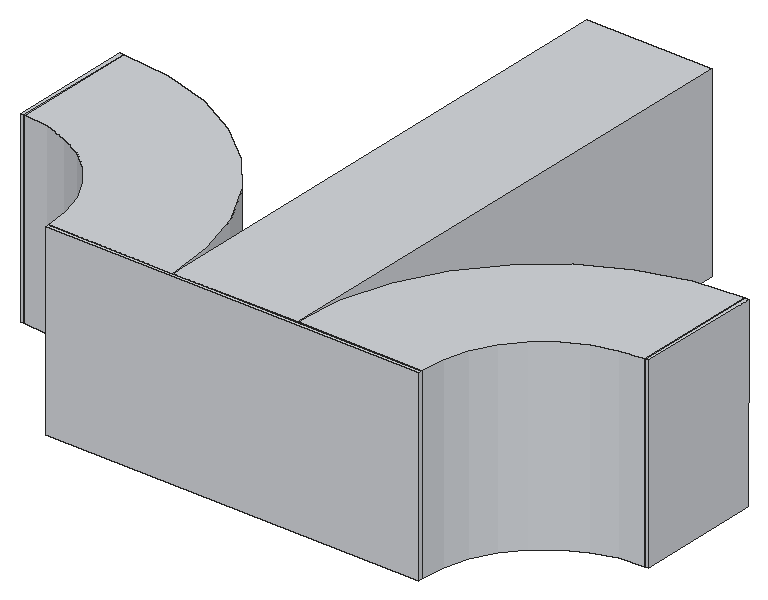
Revit family "M_T de três vias retangular - DTL", category Conexões de duto, Revit 2019
Family settings
  Cota do conector redondo = Utilizar diâmetro
  Tipo de parte = Múltiplas portas
  Número OmniClass = 23.75.70.14
  Título OmniClass = Air Ductwork
  ID de item do Seek = Rectangular Three-Way Tee - DTL-0000-CAN-ENU
  Com base no plano de trabalho = Não
  Sempre na vertical = Sim
  Corte com vazios quando carregada = Não
  Compartilhado = Não
Parameters (values of type "Padrão")
  Visibilidade 2 [instance] = not(Comprimento 13 = 0 mm)  # no
  Visibilidade 1 [instance] = Comprimento > Comprimento 25  # yes
  Mudança superior à direita [instance] = -(Entrada de profundidade - Saída da profundidade à direita) + Mudança inferior à direita  # 0 mm
  Mudança superior à esquerda [instance] = -(Entrada de profundidade - Saída da profundidade à esquerda) + Mudança inferior à esquerda  # 0 mm
  Deslocamento superior 1 [instance] = (Entrada de profundidade - Saída da profundidade à esquerda) / 2 - Mudança superior à esquerda  # 0 mm
  Deslocamento superior 2 [instance] = (Entrada de profundidade - Saída da profundidade à direita) / 2 - Mudança superior à direita  # 0 mm
  Saída reta à direita [instance] = 0 mm
  Saída reta à esquerda [instance] = 0 mm
  Entrada reta [instance] = 0 mm
  Direita do raio [instance] = 300 mm
  Esquerda do raio [instance] = 300 mm
  Comprimento do deslocamento [instance] = Deslocamento + Entrada de largura / 2 - Saída de largura / 2  # 300 mm
  Deslocamento [instance] = 0 mm
  Comprimento 13 [instance] = Comprimento do deslocamento - Entrada de largura / 2 + Saída de largura / 2  # 0 mm
  Comprimento 7 [instance] = Saída da profundidade à esquerda / 4 + Deslocamento superior 1  # 112.5 mm
  Comprimento 6 [instance] = (Entrada de profundidade + Saída da profundidade à esquerda + Saída da profundidade à direita + abs(Deslocamento superior 1) + abs(Deslocamento superior 2)) / 2  # 675 mm
  Comprimento 5 [instance] = (Direita do raio + Saída da largura à direita / 2)  # 450 mm
  Comprimento 4 [instance] = (Esquerda do raio + Saída da largura à esquerda / 2)  # 450 mm
  Comprimento 3 [instance] = Entrada de largura / 2 + Direita do raio  # 750 mm
  Comprimento 27 [instance] = Saída da largura à esquerda + Saída da largura à direita + Esquerda do raio + Direita do raio + Saída da largura à direita + Comprimento 13  # 1500 mm
  Comprimento 26 [instance] = if(Comprimento 13 = 0 mm, 8400 mm, 9144 mm - Comprimento 13)  # 8400 mm
  Comprimento 25 [instance] = if(Comprimento 13 > 0 mm, Raio do centro 2, Raio do centro 1)  # 450 mm
  Comprimento 24 [instance] = if(Comprimento < Comprimento 25, Comprimento, Comprimento 25)  # 450 mm
  Comprimento 23 [instance] = if(Raio do centro 1 > Raio do centro 2, Raio do centro 1, Raio do centro 2)  # 450 mm
  Comprimento 22 [instance] = if(Comprimento 13 > 0 mm, if(Comprimento > Raio do centro 2, Raio do centro 2, 150 mm), if(Comprimento > Raio do centro 1, Raio do centro 1, 150 mm))  # 450 mm
  Comprimento 20 [instance] = Esquerda do raio + Direita do raio + (Saída da largura à esquerda + Saída da largura à direita)  # 1200 mm
  Comprimento 2 [instance] = Entrada de largura / 2 + Esquerda do raio  # 750 mm
  Comprimento 19 [instance] = 9144 mm - Comprimento 13  # 9144 mm
  Comprimento 18 [instance] = if(Comprimento da entrada reta 1 = 0 mm, 0.198 mm, Comprimento da entrada reta 1)  # 9.375 mm
  Comprimento 17 [instance] = if(Comprimento da saída reta à direita 1 = 0 mm, 0.198 mm, Comprimento da saída reta à direita 1)  # 9.375 mm
  Comprimento 16 [instance] = if(Comprimento da saída reta à esquerda 1 = 0 mm, 0.198 mm, Comprimento da saída reta à esquerda 1)  # 9.375 mm
  Comprimento 15 [instance] = 3048 mm + Deslocamento superior 2  # 3048 mm
  Comprimento 14 [instance] = 3048 mm + Deslocamento superior 1  # 3048 mm
  Comprimento 12 [instance] = (Direita do raio + Saída da largura à direita / 2)  # 450 mm
  Comprimento 11 [instance] = (Esquerda do raio + Saída da largura à esquerda / 2)  # 450 mm
  Comprimento 1 [instance] = 9144 mm - (Comprimento 4 + Comprimento 5) / 2  # 8694 mm
  Saída de largura [instance] = 300 mm
  Entrada de largura [instance] = 900 mm
  Saída da largura à direita [instance] = 300 mm
  Saída da largura à esquerda [instance] = 300 mm
  Comprimento [instance] = 1250 mm
  Comprimento da entrada reta 1 [instance] = if(Entrada reta = 0 mm, 300 mm / 32, Entrada reta)  # 9.375 mm
  Comprimento da saída reta à direita 1 [instance] = if(Saída reta à direita = 0 mm, 300 mm / 32, Saída reta à direita)  # 9.375 mm
  Comprimento da saída reta à esquerda 1 [instance] = if(Saída reta à esquerda = 0 mm, 300 mm / 32, Saída reta à esquerda)  # 9.375 mm
  Entrada de profundidade [instance] = 450 mm
  Saída da profundidade à direita [instance] = 450 mm
  Saída da profundidade à esquerda [instance] = 450 mm
  Raio do centro 2 [instance] = Direita do raio + Saída da largura à direita / 2  # 450 mm
  Raio do centro 1 [instance] = Esquerda do raio + Saída da largura à esquerda / 2  # 450 mm
  Mudança inferior à direita [instance] = 0 mm
  Mudança inferior à esquerda [instance] = 0 mm
Reference planes
  plane 1 "Centro (Frente/Trás)": y = 0
  plane 2: z = 0
  plane 3 "Centro (Esquerda/Direita)": x = 0
  plane 4: y = -9144
  plane 5: y = -450
  plane 6: x = 750
  plane 7: x = -750
  plane 8: z = 675
  plane 9: z = -675
  plane 10: z = 675
  plane 11: z = -675
  plane 12: y = 0
  plane 13: x = -750
  plane 14: z = 0
  plane 15: x = 750
  plane 16: y = 0
  plane 17: z = 0
  plane 18: z = 675
  plane 19: z = -675
  plane 20: z = -3048
  plane 21: y = -459.375
  plane 22: x = 9144
  plane 23: x = 0
  plane 24: y = 800
  plane 25: y = 2000
  plane 26: y = 0
  plane 27: y = 0
  plane 28: y = 0
  plane 29: y = 0
  plane 30: x = 744
  plane 31: x = -2250
  plane 32: x = 2250
Forms (mm)
  SweptBlend 1, solid, detail levels medium+fine
    path in 3D
      loop
        arc (-300, -450, 0) -> (-431.802, -131.802, 0) -> (-750, 0, 0) r 450
    profile "M_Duto - Retangular : Duto - Retangular 4" origin (-300, -450, 0) x (-1, 0, 0) y (0, 0, 1)
      loop
        line (-150, 225) -> (-150, -225) -> (150, -225) -> (150, 225) -> (-150, 225)
    end profile "M_Duto - Retangular : Duto - Retangular 1" origin (-750, 0, 0) x (0, -1, 0) y (0, 0, 1)
      loop
        line (-150, 225) -> (-150, -225) -> (150, -225) -> (150, 225) -> (-150, 225)
  SweptBlend 2, solid, detail levels medium+fine
    path in 3D
      loop
        arc (300, -450, 0) -> (431.802, -131.802, 0) -> (750, 0, 0) r 450
    profile "M_Duto - Retangular : Duto - Retangular 5" origin (300, -450, 0) x (-1, 0, 0) y (0, 0, 1)
      loop
        line (-150, 225) -> (-150, -225) -> (150, -225) -> (150, 225) -> (-150, 225)
    end profile "M_Duto - Retangular : Duto - Retangular 2" origin (750, 0, 0) x (0, 1, 0) y (0, 0, 1)
      loop
        line (-150, 225) -> (-150, -225) -> (150, -225) -> (150, 225) -> (-150, 225)
  Extrusion 3, void
    sketch origin (0, 0, 0) x (1, 0, 0) y (0, 1, 0)
      loop
        circle (750, -450) r 300
    from -675 to 675
  Extrusion 4, void
    sketch origin (0, 0, 0) x (1, 0, 0) y (0, 1, 0)
      loop
        circle (-750, -450) r 300
    from -675 to 675
  Extrusion 5, void
    sketch origin (0, 0, 0) x (1, 0, 0) y (0, 1, 0)
      loop
        circle (-750, -450) r 304.8
    from -675 to 675
  Extrusion 6, void
    sketch origin (0, 0, 0) x (1, 0, 0) y (0, 1, 0)
      loop
        circle (-750, -450) r 304.8
    from -675 to 675
  Extrusion 7, void
    sketch origin (0, 0, 0) x (1, 0, 0) y (0, 1, 0)
      loop
        circle (750, -450) r 304.8
    from -675 to 675
  Extrusion 8, void
    sketch origin (0, 0, 0) x (1, 0, 0) y (0, 1, 0)
      loop
        circle (750, -450) r 304.8
    from -675 to 675
  Sweep 9, solid, detail levels medium+fine
    path in 3D
      loop
        line (-750, 0, 0) -> (-759.375, 0, 0)
    profile "M_Duto - Retangular : Duto - Retangular 1" origin (-754.687, 0, 0) x (0, -1, 0) y (0, 0, 1)
      loop
        line (-150, 225) -> (-150, -225) -> (150, -225) -> (150, 225) -> (-150, 225)
  Sweep 10, solid, detail levels medium+fine
    path in 3D
      loop
        line (750, 0, 0) -> (759.375, 0, 0)
    profile "M_Duto - Retangular : Duto - Retangular 2" origin (754.687, 0, 0) x (0, 1, 0) y (0, 0, 1)
      loop
        line (-150, 225) -> (-150, -225) -> (150, -225) -> (150, 225) -> (-150, 225)
  Sweep 11, solid, detail levels medium+fine
    path in 3D
      loop
        line (0, 800, 0) -> (0, -450, 0)
    profile "M_Duto - Retangular : Duto - Retangular 6" origin (0, 175, 0) x (1, 0, 0) y (0, 0, 1)
      loop
        line (-150, 225) -> (-150, -225) -> (150, -225) -> (150, 225) -> (-150, 225)
  Sweep 12, solid, detail levels medium+fine
    path in 3D
      loop
        line (0, -450, 0) -> (0, -459.375, 0)
    profile "M_Duto - Retangular : Duto - Retangular 3" origin (0, -454.687, 0) x (1, 0, 0) y (0, 0, 1)
      loop
        line (-450, 225) -> (-450, -225) -> (450, -225) -> (450, 225) -> (-450, 225)
  Sweep 13, void
    path in 3D
      loop
        line (0, 2000, 0) -> (0, 800, 0)
    profile "M_Duto - Retangular : Duto - Retangular 6" origin (0, 1400, 0) x (1, 0, 0) y (0, 0, 1)
      loop
        line (-150, 225) -> (-150, -225) -> (150, -225) -> (150, 225) -> (-150, 225)
  Extrusion 14, void
    sketch origin (0, 0, 0) x (1, 0, 0) y (0, 1, 0)
      loop
        line (750, -145.35) -> (750, -754.65) -> (2250, -754.65) -> (2250, -145.35) -> (750, -145.35)
    from -675 to 675
  Extrusion 15, void
    sketch origin (0, 0, 0) x (1, 0, 0) y (0, 1, 0)
      loop
        line (750, -150) -> (750, -750) -> (2250, -750) -> (2250, -150) -> (750, -150)
    from -675 to 675
  Extrusion 16, void
    sketch origin (0, 0, 0) x (1, 0, 0) y (0, 1, 0)
      loop
        line (750, -145.35) -> (750, -754.65) -> (2250, -754.65) -> (2250, -145.35) -> (750, -145.35)
    from -675 to 675
  Extrusion 17, void
    sketch origin (0, 0, 0) x (1, 0, 0) y (0, 1, 0)
      loop
        line (-2250, -145.35) -> (-2250, -754.65) -> (-750, -754.65) -> (-750, -145.35) -> (-2250, -145.35)
    from -675 to 675
  Extrusion 18, void
    sketch origin (0, 0, 0) x (1, 0, 0) y (0, 1, 0)
      loop
        line (-2250, -150) -> (-2250, -750) -> (-750, -750) -> (-750, -150) -> (-2250, -150)
    from -675 to 675
  Extrusion 19, void
    sketch origin (0, 0, 0) x (1, 0, 0) y (0, 1, 0)
      loop
        line (-2250, -145.35) -> (-2250, -754.65) -> (-750, -754.65) -> (-750, -145.35) -> (-2250, -145.35)
    from -675 to 675
Cuts and joins
  Extrusion 3, Sweep 13, Extrusion 15, Extrusion 18 cuts SweptBlend 1
  Extrusion 4, Sweep 13 cuts SweptBlend 2
  Extrusion 3, Extrusion 4, Extrusion 15, Extrusion 18 cuts Sweep 11
Lines and regions (mm)
  model lines, not visible
    curve 1: arc (-300, -450, 0) -> (-431.802, -131.802, 0) -> (-750, 0, 0) r 450
    curve 2: arc (300, -450, 0) -> (431.802, -131.802, 0) -> (750, 0, 0) r 450
  sketch lines
    curve 3: arc (-300, -450, 0) -> (-431.802, -131.802, 0) -> (-750, 0, 0) r 450
    curve 4: arc (300, -450, 0) -> (431.802, -131.802, 0) -> (750, 0, 0) r 450
    curve 6: line (-750, 0, 0) -> (-759.375, 0, 0)
    curve 8: line (750, 0, 0) -> (759.375, 0, 0)
    curve 11: line (0, -450, 0) -> (0, -459.375, 0)
    curve 17: line (0, 2000, 0) -> (0, 800, 0)
    curve 19: line (0, 800, 0) -> (0, -450, 0)
  model lines, detail levels coarse
    curve 5: line (-750, 0, 0) -> (-759.375, 0, 0)
    curve 7: line (750, 0, 0) -> (759.375, 0, 0)
    curve 10: line (0, -450, 0) -> (0, -459.375, 0)
    curve 12: line (0, 0, 0) -> (-750, 0, 0)
    curve 13: line (0, 0, 0) -> (750, 0, 0)
    curve 15: line (0, 0, 0) -> (0, -450, 0)
    curve 16: line (0, 0, 0) -> (0, -450, 0)
  reference lines
    curve 9: line (0, 2000, 0) -> (0, 800, 0)
    curve 18: line (0, 800, 0) -> (0, -450, 0)
  model lines, visible <- "Visibilidade 1", detail levels coarse
    curve 14: line (0, 800, 0) -> (0, 0, 0)
  model lines, visible <- "Visibilidade 2", detail levels coarse
    curve 20: line (0, 0, 0) -> (744, 0, 0)
Dimensions and locks
  locked: plane 4 to plane 1 "Centro (Frente/Trás)" at 9144
  "Comprimento 1": plane 5 to plane 4
  "Comprimento 2": plane 7 to plane 3 "Centro (Esquerda/Direita)"
  "Comprimento 3": plane 3 "Centro (Esquerda/Direita)" to plane 6
  equal spacing: plane 8, plane 2, plane 9
  "Comprimento 6": plane 8 to plane 2
  equal spacing: plane 10, plane 2, plane 11
  "Comprimento 6": plane 10 to plane 2
  locked: plane 7 to plane 13 at 0
  "Comprimento 11": plane 12 to plane 5
  "Comprimento 12": plane 16 to plane 5
  locked: plane 15 to plane 6 at 0
  equal spacing: plane 18, plane 2, plane 19
  "Comprimento 6": plane 18 to plane 2
  locked: plane 2 to plane 20 at 3048
  "Comprimento 14": plane 14 to plane 20
  "Comprimento 15": plane 17 to plane 20
  "Comprimento 18": plane 5 to plane 21
  "Comprimento 16": curve 5 to curve 5
  "Comprimento 17": curve 7 to curve 7
  locked: plane 22 to plane 3 "Centro (Esquerda/Direita)" at 9144
  "Comprimento 19": plane 23 to plane 22
  "Comprimento": plane 24 to plane 5
  "Comprimento 20": plane 25 to plane 24
  "Raio do centro 1": plane 26 to plane 5
  "Raio do centro 2": plane 27 to plane 5
  "Comprimento 22": plane 28 to plane 5
  "Comprimento 24": plane 29 to plane 5
  "Comprimento 26": plane 30 to plane 22
  "Comprimento 24": plane 5 to curve 20
  equal spacing: Extrusion 14 sketch curve, plane 5, Extrusion 14 sketch curve
  "Comprimento 27": plane 31 to plane 7
  "Comprimento 27": plane 6 to plane 32
  equal spacing: Extrusion 15 sketch curve, plane 5, Extrusion 15 sketch curve
  "Direita do raio": plane 5 to Extrusion 15 sketch curve
  equal spacing: Extrusion 16 sketch curve, plane 5, Extrusion 16 sketch curve
  equal spacing: Extrusion 17 sketch curve, plane 5, Extrusion 17 sketch curve
  equal spacing: Extrusion 18 sketch curve, plane 5, Extrusion 18 sketch curve
  "Esquerda do raio": plane 5 to Extrusion 18 sketch curve
  equal spacing: Extrusion 19 sketch curve, plane 5, Extrusion 19 sketch curve
  "Raio do centro 1": radius of curve 1
  "Raio do centro 2": radius of curve 2
  "Direita do raio": radius of Extrusion 3 sketch curve
  "Esquerda do raio": radius of Extrusion 4 sketch curve
  locked: curve 1 to curve 1 (angle 90.00°)
  locked: curve 2 to curve 2 (angle 90.00°)
  locked: plane 13 to curve 5 (angle 90.00°)
  locked: curve 7 to plane 15 (angle 90.00°)
  aligned and locked: plane 7 to curve 1
  aligned and locked: plane 5 to curve 1  (x2)
  aligned and locked: plane 6 to curve 2
  aligned and locked: plane 5 to curve 2  (x2)
  aligned and locked: plane 6 to Extrusion 3 sketch curve
  aligned and locked: plane 5 to Extrusion 3 sketch curve
  aligned and locked: plane 8 to Extrusion 3
  aligned and locked: Extrusion 3 to plane 9
  aligned and locked: plane 7 to Extrusion 4 sketch curve
  aligned and locked: plane 5 to Extrusion 4 sketch curve
  aligned and locked: Extrusion 4 to plane 10
  aligned and locked: plane 11 to Extrusion 4
  aligned and locked: plane 7 to Extrusion 5 sketch curve
  aligned and locked: plane 5 to Extrusion 5 sketch curve
  aligned and locked: plane 7 to Extrusion 6 sketch curve
  aligned and locked: plane 5 to Extrusion 6 sketch curve
  aligned and locked: plane 18 to Extrusion 5
  aligned and locked: Extrusion 5 to plane 19
  aligned and locked: Extrusion 6 to plane 19
  aligned and locked: plane 18 to Extrusion 6
  aligned and locked: plane 6 to Extrusion 7 sketch curve
  aligned and locked: plane 5 to Extrusion 7 sketch curve
  aligned and locked: plane 18 to Extrusion 7
  aligned and locked: Extrusion 7 to plane 19
  aligned and locked: plane 6 to Extrusion 8 sketch curve
  aligned and locked: plane 5 to Extrusion 8 sketch curve
  aligned and locked: plane 18 to Extrusion 8
  aligned and locked: Extrusion 8 to plane 19
  aligned and locked: plane 13 to curve 12
  aligned and locked: plane 14 to curve 12
  aligned and locked: plane 3 "Centro (Esquerda/Direita)" to curve 12
  aligned and locked: plane 2 to curve 12
  aligned and locked: plane 17 to curve 13
  aligned and locked: plane 15 to curve 13
  aligned and locked: plane 3 "Centro (Esquerda/Direita)" to curve 13
  aligned and locked: plane 2 to curve 13
  aligned and locked: plane 5 to curve 15
  aligned and locked: curve 15 to plane 3 "Centro (Esquerda/Direita)"
  aligned and locked: plane 27 to curve 16
  aligned and locked: curve 16 to plane 3 "Centro (Esquerda/Direita)"
  aligned and locked: curve 14 to plane 23
  aligned and locked: plane 28 to curve 14
  aligned and locked: curve 15 to plane 26
  aligned and locked: plane 24 to curve 18
  aligned and locked: plane 5 to curve 18
  aligned and locked: curve 18 to plane 23
  aligned and locked: curve 20 to plane 30
  aligned and locked: plane 3 "Centro (Esquerda/Direita)" to curve 20
  aligned and locked: plane 6 to Extrusion 14 sketch curve
  aligned and locked: plane 18 to Extrusion 14
  aligned and locked: Extrusion 14 to plane 19
  aligned and locked: Extrusion 14 sketch curve to plane 32
  aligned and locked: plane 6 to Extrusion 15 sketch curve
  aligned and locked: Extrusion 15 sketch curve to plane 32
  aligned and locked: plane 18 to Extrusion 15
  aligned and locked: Extrusion 15 to plane 19
  aligned and locked: plane 6 to Extrusion 16 sketch curve
  aligned and locked: Extrusion 16 sketch curve to plane 32
  aligned and locked: plane 18 to Extrusion 16
  aligned and locked: Extrusion 16 to plane 19
  aligned and locked: plane 31 to Extrusion 17 sketch curve
  aligned and locked: Extrusion 17 sketch curve to plane 13
  aligned and locked: plane 18 to Extrusion 17
  aligned and locked: Extrusion 17 to plane 19
  aligned and locked: plane 31 to Extrusion 18 sketch curve
  aligned and locked: Extrusion 18 sketch curve to plane 7
  aligned and locked: plane 18 to Extrusion 18
  aligned and locked: Extrusion 18 to plane 19
  aligned and locked: plane 31 to Extrusion 19 sketch curve
  aligned and locked: Extrusion 19 sketch curve to plane 7
  aligned and locked: plane 18 to Extrusion 19
  aligned and locked: Extrusion 19 to plane 19
Automatic sketch dimensions
  curve 5 to plane 12 = 0 mm
  curve 5 to plane 13 = 0 mm
  curve 7 to plane 16 = 0 mm
  curve 7 to plane 6 = 0 mm
  curve 9 to plane 25 = 0 mm
  curve 10 to plane 21 = 0 mm
  curve 14 to plane 24 = 0 mm
  Extrusion 14 sketch curve to plane 21 = 295.275 mm
  Extrusion 16 sketch curve to plane 21 = 295.275 mm
  Extrusion 17 sketch curve to plane 21 = 295.275 mm
  Extrusion 19 sketch curve to plane 21 = 295.275 mm
  radius of Extrusion 5 sketch curve = 304.8 mm
  radius of Extrusion 6 sketch curve = 304.8 mm
  radius of Extrusion 7 sketch curve = 304.8 mm
  radius of Extrusion 8 sketch curve = 304.8 mm
Connectors
  hvac at (-759.375, 0, 0), driven by "Saída da profundidade à esquerda", driven by "Saída da largura à esquerda"
    settings: on Sweep 9, index 1, duct flow 0.0 L/s, flow factor 0, pres drop 0.0 Pa, loss coef 0, conn angle 0.00°, conn width 300 mm, conn height 450 mm, conn diameter 609.6 mm, duct sys type 28, conn prof type 1, flow config 0, flow direction 0, loss method 0, conn ref index 2, conn util no, is conn primary yes, conn desc ""
  hvac at (759.375, 0, 0), driven by "Saída da profundidade à direita", driven by "Saída da largura à direita"
    settings: on Sweep 10, index 2, duct flow 0.0 L/s, flow factor 0, pres drop 0.0 Pa, loss coef 0, conn angle 0.00°, conn width 300 mm, conn height 450 mm, conn diameter 609.6 mm, duct sys type 28, conn prof type 1, flow config 0, flow direction 0, loss method 0, conn ref index 1, conn util no, is conn primary no, conn desc ""
  hvac at (0, -459.375, 0), driven by "Entrada de profundidade", driven by "Entrada de largura"
    settings: on Sweep 12, index 3, duct flow 0.0 L/s, flow factor 0, pres drop 0.0 Pa, loss coef 0, conn angle 0.00°, conn width 900 mm, conn height 450 mm, conn diameter 609.6 mm, duct sys type 28, conn prof type 1, flow config 0, flow direction 0, loss method 0, conn ref index 4, conn util no, is conn primary no, conn desc ""
  hvac at (0, 800, 0), driven by "Entrada de profundidade", driven by "Saída de largura"
    settings: on Sweep 11, index 4, duct flow 0.0 L/s, flow factor 0, pres drop 0.0 Pa, loss coef 0, conn angle 0.00°, conn width 300 mm, conn height 450 mm, conn diameter 609.6 mm, duct sys type 28, conn prof type 1, flow config 0, flow direction 0, loss method 0, conn ref index 3, conn util no, is conn primary no, conn desc ""
